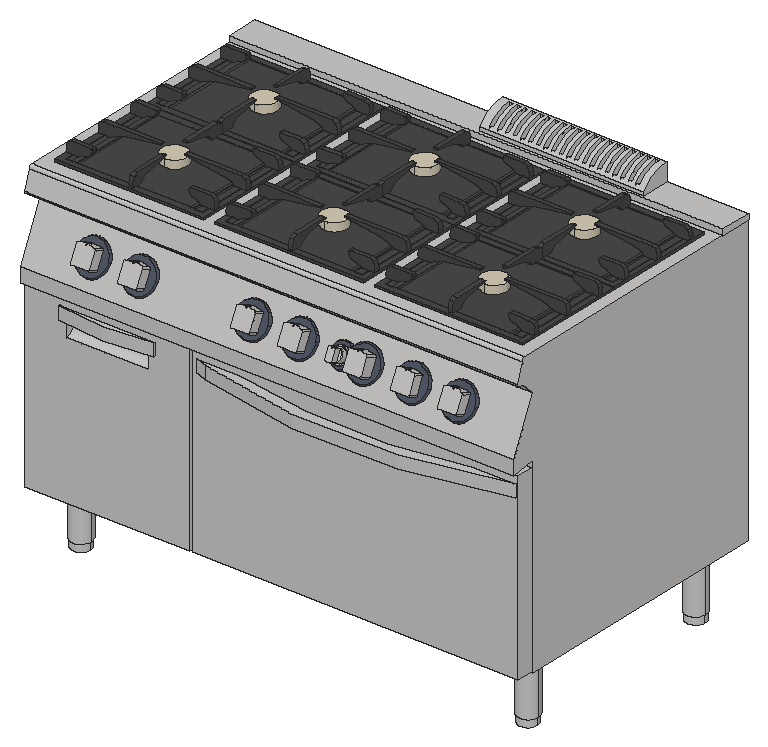
Revit family "QF_ZANUSSI_372005_Z7GCGL6C10", category Specialty Equipment, Revit 2018
Family settings
  Round Connector Dimension = Use Diameter
  Part Type = Normal
  Work Plane-Based = No
  Always vertical = Yes
  Cut with Voids When Loaded = No
  Shared = No
  Room Calculation Point = No
Parameters
  Width = 1200.00 mm  # constant formula
  Weight in Pounds = 265  # constant formula
  Weight = 0.00 kg
  Watts = 0 W
  Volts = 0 V
  URL Manufacturer = "http://www.zanussiprofessional.com"
  URL Cutsheet = "www.electrolux.com"
  URL = "http://www.zanussiprofessional.com"
  Type Mark [instance] = ""
  Steam Supply Size = 0"
  Steam Supply Minimum Pressure = 0.00 psi
  Steam Supply Maximum Pressure = 0.00 psi
  Steam Pounds per Hour = 0
  Status [instance] = ""
  Specification by User [instance] = ""
  Specification by Manufacturer = ""
  Show Logo [instance] = yes
  Show Clearance [instance] = yes
  Serial Number = ""
  Seismic Rating = ""
  SMACNA No = ""
  Revision Code [instance] = ""
  Refrigeration Suction Line Size = 0"
  Refrigeration Liquid Line Size = 0"
  Refrigerant Compressor Remote = yes
  Phase = 0
  Omniclass Number and Title = ""
  NAFEM Spec ID Number = ""
  Model = "Z7GCGL6C10"
  Mechanical Remarks [instance] = ""
  Mechanical Connection Type [instance] = ""
  Masterspec = ""
  Manufacturer = "Zanussi"
  Length Actual = 1200.00 mm  # constant formula
  Item Number [instance] = "372005"
  Installed By [instance] = ""
  Identify Quantity as Lot [instance] = yes
  Hot Water Size = 0"
  Height Actual = 850.00 mm  # constant formula
  Height = 908.00 mm  # constant formula
  HP = "0 HP"
  Gas Size = 1/2"  # constant formula
  Gas RI Height [instance] = 0.00 mm
  Gas KW [instance] = 39  # constant formula
  Gas Input [instance] = 1.3092 Btu/h
  Gas Connection Height = 0.00 mm
  Furnished By [instance] = ""
  Foodservice Equipment Identifier [instance] = yes
  Direct Waste Size = 0"
  Description = "6-BURNER GAS RANGE+GAS OVEN+CUPB.1200 MM"
  Depth Actual = 700.00 mm  # constant formula
  Depth = 715.00 mm  # constant formula
  Cycle = 0 Hz
  Condensate Return Size = 0"
  Compressed Air Volume = 0 GPM
  Compressed Air Size = 0"
  Compressed Air Pressure = 0.00 psi
  Cold Water Size = 0"
  CSI MasterFormat = ""
  CSI Master Format = ""
  Assembly Code = ""
  Accessory = yes
Reference planes
  plane 1 "BACK": y = 0
  plane 2: z = 0
  plane 3 "LEFT": x = 0
  plane 4 "RIGHT": x = 1200
  plane 5 "FRONT": y = -700
  plane 6 "TOP": z = 908
  plane 7 "Center Y": x = 600
  plane 8 "Center X": y = -350
  plane 9 "Base": z = 150
  plane 10: z = 850
  plane 11: y = -715
  plane 12: y = -1109
  plane 13 "panel": through (-6096, -654.982, 762.214) normal (0, -0.8956, 0.4448)
  plane 14: x = 177.499
Forms (mm)
  Revolve 1, solid, material "QF_Finishes_Stainless Steel"
    sketch origin (1, -90, 0) x (1, 0, 0) y (0, 0, 1)
      loop
        line (55, 0) -> (55, 150) -> (29.6, 150) -> (29.6, 19.05) -> (32.1, 19.05) -> (32.1, 0) -> (55, 0)
      axis (55, 0) -> (55, 150)
    angle from 0 to 360
  Revolve 2, solid, material "QF_Finishes_Stainless Steel"
    sketch origin (1, -599.588, 0) x (1, 0, 0) y (0, 0, 1)
      loop
        line (55, 0) -> (55, 150) -> (29.6, 150) -> (29.6, 19.05) -> (32.1, 19.05) -> (32.1, 0) -> (55, 0)
      axis (55, 0) -> (55, 150)
    angle from 0 to 360
  Revolve 3, solid, material "QF_Finishes_Stainless Steel"
    sketch origin (799, -90, 0) x (-1, 0, 0) y (0, 0, -1)
      loop
        line (-345, 0) -> (-367.9, 0) -> (-367.9, -19.05) -> (-370.4, -19.05) -> (-370.4, -150) -> (-345, -150) -> (-345, 0)
      axis (-345, 0) -> (-345, -150)
    angle from 0 to 360
  Revolve 4, solid, material "QF_Finishes_Stainless Steel"
    sketch origin (799, -599.588, 0) x (-1, 0, 0) y (0, 0, -1)
      loop
        line (-345, 0) -> (-367.9, 0) -> (-367.9, -19.05) -> (-370.4, -19.05) -> (-370.4, -150) -> (-345, -150) -> (-345, 0)
      axis (-345, 0) -> (-345, -150)
    angle from 0 to 360
  Extrusion 5, solid, material "QF_Finishes_Stainless Steel"
    sketch origin (0, 0, 576.213) x (0, 1, 0) y (0, 0, 1)
      loop
        line (0, 273.788) -> (-679.358, 273.788)
        arc (-679.358, 273.788) -> (-684.643, 271.598) -> (-686.833, 266.313) r 7.474
        line (-686.833, 266.313) -> (-699.884, 220.798)
        arc (-699.884, 220.798) -> (-699.396, 218.166) -> (-697, 216.971) r 3
        line (-697, 216.971) -> (-686.802, 216.971) -> (-654.982, 185.152) -> (-715, 64.296) -> (-715, 29.296) -> (-658.645, 37.216)
        arc (-658.645, 37.216) -> (-656.101, 36.462) -> (-655, 34.047) r 3.2
        line (-655, 34.047) -> (-655, -426.212) -> (0, -426.212) -> (0, 273.788)
      loop
        line (-700, 23.788) -> (-700, -421.212) -> (-660, -421.212) -> (-660, 23.788) -> (-700, 23.788)
    from 0 to 1200
  Extrusion 6, solid, material "QF_Finishes_Stainless Steel"
    sketch origin (0, 0, 576.213) x (0, 1, 0) y (0, 0, 1)
      loop
        line (0, 273.787) -> (0, 288.075) -> (-76.2, 288.075) -> (-76.2, 273.787) -> (0, 273.787)
    from 0 to 1200
  Extrusion 7, solid, material "QF_Finishes_Stainless Steel"
    sketch origin (0, 0, 150) x (-1, 0, 0) y (0, -1, 0)
      loop
        circle (-1147.613, 464) r 6.35
    from -8.815 to 7.722
  Extrusion 8, solid, material "QF_Finishes_Door Clearance", visible <- "Show Clearance", detail levels coarse
    sketch origin (0, 0, 0) x (0, 1, 0) y (0, 0, 1)
      loop
        arc (-700, 600) -> (-991.638, 457.589) -> (-1109, 155) r 445
        line (-1109, 155) -> (-700, 155) -> (-700, 600)
    from 0 to 400.5
  Extrusion 9, void
    sketch origin (-62.611, 0, 865.138) x (-1, 0, 0) y (0, -1, 0)
      loop
        line (-695.005, 6.761) -> (-685.709, 6.761) -> (-685.709, 63.911) -> (-695.005, 63.911) -> (-695.005, 6.761)
      loop
        line (-713.697, 6.761) -> (-704.401, 6.761) -> (-704.401, 63.911) -> (-713.697, 63.911) -> (-713.697, 6.761)
      loop
        line (-732.39, 6.761) -> (-723.094, 6.761) -> (-723.094, 63.911) -> (-732.39, 63.911) -> (-732.39, 6.761)
      loop
        line (-751.082, 6.761) -> (-741.787, 6.761) -> (-741.787, 63.911) -> (-751.082, 63.911) -> (-751.082, 6.761)
      loop
        line (-769.775, 6.761) -> (-760.479, 6.761) -> (-760.479, 63.911) -> (-769.775, 63.911) -> (-769.775, 6.761)
      loop
        line (-788.468, 6.761) -> (-779.172, 6.761) -> (-779.172, 63.911) -> (-788.468, 63.911) -> (-788.468, 6.761)
      loop
        line (-807.16, 6.761) -> (-797.864, 6.761) -> (-797.864, 63.911) -> (-807.16, 63.911) -> (-807.16, 6.761)
      loop
        line (-825.853, 6.761) -> (-816.557, 6.761) -> (-816.557, 63.911) -> (-825.853, 63.911) -> (-825.853, 6.761)
      loop
        line (-844.545, 6.761) -> (-835.25, 6.761) -> (-835.25, 63.911) -> (-844.545, 63.911) -> (-844.545, 6.761)
      loop
        line (-863.238, 6.761) -> (-853.942, 6.761) -> (-853.942, 63.911) -> (-863.238, 63.911) -> (-863.238, 6.761)
      loop
        line (-881.931, 6.761) -> (-872.635, 6.761) -> (-872.635, 63.911) -> (-881.931, 63.911) -> (-881.931, 6.761)
      loop
        line (-900.623, 6.761) -> (-891.328, 6.761) -> (-891.328, 63.911) -> (-900.623, 63.911) -> (-900.623, 6.761)
      loop
        line (-919.316, 6.761) -> (-910.02, 6.761) -> (-910.02, 63.911) -> (-919.316, 63.911) -> (-919.316, 6.761)
      loop
        line (-938.008, 6.761) -> (-928.713, 6.761) -> (-928.713, 63.911) -> (-938.008, 63.911) -> (-938.008, 6.761)
      loop
        line (-956.701, 6.761) -> (-947.405, 6.761) -> (-947.405, 63.911) -> (-956.701, 63.911) -> (-956.701, 6.761)
      loop
        line (-975.394, 6.761) -> (-966.098, 6.761) -> (-966.098, 63.911) -> (-975.394, 63.911) -> (-975.394, 6.761)
      loop
        line (-994.086, 6.761) -> (-984.791, 6.761) -> (-984.791, 63.911) -> (-994.086, 63.911) -> (-994.086, 6.761)
      loop
        line (-1012.779, 6.761) -> (-1003.483, 6.761) -> (-1003.483, 63.911) -> (-1012.779, 63.911) -> (-1012.779, 6.761)
      loop
        line (-1031.472, 6.761) -> (-1022.176, 6.761) -> (-1022.176, 63.911) -> (-1031.472, 63.911) -> (-1031.472, 6.761)
      loop
        line (-1050.164, 6.761) -> (-1040.868, 6.761) -> (-1040.868, 63.911) -> (-1050.164, 63.911) -> (-1050.164, 6.761)
    from 9.525 to 45.348
  Extrusion 10, solid, material "QF_Finishes_Stainless Steel"
    sketch origin (202.4, 0, 590.5) x (0, 1, 0) y (0, 0, 1)
      loop
        line (0, 273.788) -> (0, 317.5)
        arc (0, 317.5) -> (-39.072, 308.879) -> (-69.85, 283.312) r 84.854
        line (-69.85, 283.312) -> (-69.85, 273.788) -> (0, 273.788)
    from 400 to 800
  Blend 11, solid, material "QF_Finishes_Navy Blue"
    base sketch origin (542.5, -684.991, 701.786) x (1, 0, 0) y (0, 0.444781, 0.895639)
      loop
        circle (0, 0) r 42.5
    top sketch origin (542.5, -684.991, 701.786) x (1, 0, 0) y (0, 0.444781, 0.895639)
      loop
        circle (0, 0) r 40.5
    from 0 to 5
  Extrusion 12, solid, material "QF_Finishes_Stainless Steel"
    sketch origin (542.5, -684.991, 701.786) x (1, 0, 0) y (0, 0.444781, 0.895639)
      loop
        arc (-21.147, 22.789) -> (-22.494, 21.685) -> (-23, 20.019) r 2.997
        line (-23, 20.019) -> (-23, -20.019)
        arc (-23, -20.019) -> (-22.122, -22.138) -> (-20.003, -23.016) r 2.997
        line (-20.003, -23.016) -> (20.003, -23.016)
        arc (20.003, -23.016) -> (22.122, -22.138) -> (23, -20.019) r 2.997
        line (23, -20.019) -> (23, 20.019)
        arc (23, 20.019) -> (22.494, 21.685) -> (21.147, 22.789) r 2.997
        arc (21.147, 22.789) -> (0, 26.984) -> (-21.147, 22.789) r 55.4
    from 10 to 34
  Extrusion 13, solid, material "QF_Plastic-Black-Matte"
    sketch origin (600, -684.991, 701.786) x (0, 0.444781, 0.895639) y (0, -0.895639, 0.444781)
      loop
        line (26.984, 34) -> (26.984, 19) -> (27.984, 19) -> (27.984, 34)
        arc (27.984, 34) -> (27.691, 34.707) -> (26.984, 35) r 1
        line (26.984, 35) -> (23.984, 35) -> (23.984, 34) -> (26.984, 34)
    from -58.5 to -56.5
  Extrusion 14, solid, material "QF_Finishes_Stainless Steel"
    sketch origin (542.5, -684.991, 701.786) x (1, 0, 0) y (0, 0.444781, 0.895639)
      loop
        line (17.5, 17.5) -> (-17.5, 17.5) -> (-17.5, -17.5) -> (17.5, -17.5) -> (17.5, 17.5)
    from 5 to 10
  Extrusion 15, solid, material "QF_Plastic-Black-Matte"
    sketch origin (600, -684.991, 701.786) x (0, 0.444781, 0.895639) y (0, 0.895639, -0.444781)
      loop
        line (26.984, -34) -> (23.984, -34) -> (23.984, -35) -> (26.984, -35)
        arc (26.984, -35) -> (27.691, -34.707) -> (27.984, -34) r 1
        line (27.984, -34) -> (27.984, -19) -> (26.984, -19) -> (26.984, -34)
    from -58.5 to -56.5
  Extrusion 16, solid, material "QF_Finishes_Stainless Steel"
    sketch origin (657.5, -684.991, 701.786) x (-1, 0, 0) y (0, -0.444781, -0.895639)
      loop
        line (17.5, -17.5) -> (17.5, 17.5) -> (-17.5, 17.5) -> (-17.5, -17.5) -> (17.5, -17.5)
    from 5 to 10
  Blend 17, solid, material "QF_Finishes_Navy Blue"
    base sketch origin (657.5, -684.991, 701.786) x (1, 0, 0) y (0, 0.444781, 0.895639)
      loop
        circle (0, 0) r 42.5
    top sketch origin (657.5, -684.991, 701.786) x (1, 0, 0) y (0, 0.444781, 0.895639)
      loop
        circle (0, 0) r 40.5
    from 0 to 5
  Extrusion 18, solid, material "QF_Finishes_Stainless Steel"
    sketch origin (657.5, -684.991, 701.786) x (-1, 0, 0) y (0, -0.444781, -0.895639)
      loop
        arc (-21.147, -22.789) -> (0, -26.984) -> (21.147, -22.789) r 55.4
        arc (21.147, -22.789) -> (22.494, -21.685) -> (23, -20.019) r 2.997
        line (23, -20.019) -> (23, 20.019)
        arc (23, 20.019) -> (22.122, 22.138) -> (20.003, 23.016) r 2.997
        line (20.003, 23.016) -> (-20.003, 23.016)
        arc (-20.003, 23.016) -> (-22.122, 22.138) -> (-23, 20.019) r 2.997
        line (-23, 20.019) -> (-23, -20.019)
        arc (-23, -20.019) -> (-22.494, -21.685) -> (-21.147, -22.789) r 2.997
    from 10 to 34
  Blend 19, solid, material "QF_Finishes_Navy Blue"
    base sketch origin (814.75, -684.991, 701.786) x (1, 0, 0) y (0, 0.444781, 0.895639)
      loop
        arc (-35.05, -24.037) -> (42.5, 0) -> (-35.05, 24.037) r 42.5
        arc (-35.05, 24.037) -> (-83, 0) -> (-35.05, -24.037) r 30
    top sketch origin (814.75, -684.991, 701.786) x (1, 0, 0) y (0, 0.444781, 0.895639)
      loop
        arc (-34.578, -21.086) -> (40.5, 0) -> (-34.578, 21.086) r 40.5
        arc (-34.578, 21.086) -> (-81, 0) -> (-34.578, -21.086) r 28
    from 0 to 5
  Extrusion 20, solid, material "QF_Finishes_Stainless Steel"
    sketch origin (582.25, -684.991, 701.786) x (1, 0, 0) y (0, 0.444781, 0.895639)
      loop
        circle (177.499, -0.341) r 20
    from 5 to 10
  Extrusion 21, void
    sketch origin (814.75, -684.991, 701.786) x (1, 0, 0) y (0, -0.895639, 0.444781)
      loop
        line (-62.999, 24.837) -> (-62.999, 40) -> (-71.893, 40) -> (-71.893, 22) -> (-65.835, 22)
        arc (-65.835, 22) -> (-63.827, 22.828) -> (-62.999, 24.837) r 2.827
      loop
        arc (-47.003, 24.837) -> (-46.175, 22.828) -> (-44.167, 22) r 2.827
        line (-44.167, 22) -> (-38.109, 22) -> (-38.109, 40) -> (-47.003, 40) -> (-47.003, 24.837)
    from -20.019 to 20.019
  Extrusion 22, solid, material "QF_Finishes_Stainless Steel"
    sketch origin (582.25, -684.991, 701.786) x (1, 0, 0) y (0, 0.444781, 0.895639)
      loop
        arc (211.353, 22.789) -> (210.006, 21.685) -> (209.5, 20.019) r 2.997
        line (209.5, 20.019) -> (209.5, -20.019)
        arc (209.5, -20.019) -> (210.378, -22.138) -> (212.497, -23.016) r 2.997
        line (212.497, -23.016) -> (252.503, -23.016)
        arc (252.503, -23.016) -> (254.622, -22.138) -> (255.5, -20.019) r 2.997
        line (255.5, -20.019) -> (255.5, 20.019)
        arc (255.5, 20.019) -> (254.994, 21.685) -> (253.647, 22.789) r 2.997
        arc (253.647, 22.789) -> (232.5, 26.984) -> (211.353, 22.789) r 55.4
    from 5 to 34
  Blend 23, solid, material "QF_Finishes_Navy Blue"
    base sketch origin (931.5, -684.991, 701.786) x (1, 0, 0) y (0, 0.444781, 0.895639)
      loop
        circle (0, 0) r 42.5
    top sketch origin (931.5, -684.991, 701.786) x (1, 0, 0) y (0, 0.444781, 0.895639)
      loop
        circle (0, 0) r 40.5
    from 0 to 5
  Extrusion 24, solid, material "QF_Finishes_Stainless Steel"
    sketch origin (931.5, -684.991, 701.786) x (1, 0, 0) y (0, 0.444781, 0.895639)
      loop
        arc (-21.147, 22.789) -> (-22.494, 21.685) -> (-23, 20.019) r 2.997
        line (-23, 20.019) -> (-23, -20.019)
        arc (-23, -20.019) -> (-22.122, -22.138) -> (-20.003, -23.016) r 2.997
        line (-20.003, -23.016) -> (20.003, -23.016)
        arc (20.003, -23.016) -> (22.122, -22.138) -> (23, -20.019) r 2.997
        line (23, -20.019) -> (23, 20.019)
        arc (23, 20.019) -> (22.494, 21.685) -> (21.147, 22.789) r 2.997
        arc (21.147, 22.789) -> (0, 26.984) -> (-21.147, 22.789) r 55.4
    from 10 to 34
  Extrusion 25, solid, material "QF_Plastic-Black-Matte"
    sketch origin (989, -684.991, 701.786) x (0, 0.444781, 0.895639) y (0, -0.895639, 0.444781)
      loop
        line (26.984, 34) -> (26.984, 19) -> (27.984, 19) -> (27.984, 34)
        arc (27.984, 34) -> (27.691, 34.707) -> (26.984, 35) r 1
        line (26.984, 35) -> (23.984, 35) -> (23.984, 34) -> (26.984, 34)
    from -58.5 to -56.5
  Extrusion 26, solid, material "QF_Finishes_Stainless Steel"
    sketch origin (931.5, -684.991, 701.786) x (1, 0, 0) y (0, 0.444781, 0.895639)
      loop
        line (17.5, 17.5) -> (-17.5, 17.5) -> (-17.5, -17.5) -> (17.5, -17.5) -> (17.5, 17.5)
    from 5 to 10
  Extrusion 27, solid, material "QF_Plastic-Black-Matte"
    sketch origin (989, -684.991, 701.786) x (0, 0.444781, 0.895639) y (0, 0.895639, -0.444781)
      loop
        line (26.984, -34) -> (23.984, -34) -> (23.984, -35) -> (26.984, -35)
        arc (26.984, -35) -> (27.691, -34.707) -> (27.984, -34) r 1
        line (27.984, -34) -> (27.984, -19) -> (26.984, -19) -> (26.984, -34)
    from -58.5 to -56.5
  Extrusion 28, solid, material "QF_Finishes_Stainless Steel"
    sketch origin (1046.5, -684.991, 701.786) x (-1, 0, 0) y (0, -0.444781, -0.895639)
      loop
        line (17.5, -17.5) -> (17.5, 17.5) -> (-17.5, 17.5) -> (-17.5, -17.5) -> (17.5, -17.5)
    from 5 to 10
  Blend 29, solid, material "QF_Finishes_Navy Blue"
    base sketch origin (1046.5, -684.991, 701.786) x (1, 0, 0) y (0, 0.444781, 0.895639)
      loop
        circle (0, 0) r 42.5
    top sketch origin (1046.5, -684.991, 701.786) x (1, 0, 0) y (0, 0.444781, 0.895639)
      loop
        circle (0, 0) r 40.5
    from 0 to 5
  Extrusion 30, solid, material "QF_Finishes_Stainless Steel"
    sketch origin (1046.5, -684.991, 701.786) x (-1, 0, 0) y (0, -0.444781, -0.895639)
      loop
        arc (-21.147, -22.789) -> (0, -26.984) -> (21.147, -22.789) r 55.4
        arc (21.147, -22.789) -> (22.494, -21.685) -> (23, -20.019) r 2.997
        line (23, -20.019) -> (23, 20.019)
        arc (23, 20.019) -> (22.122, 22.138) -> (20.003, 23.016) r 2.997
        line (20.003, 23.016) -> (-20.003, 23.016)
        arc (-20.003, 23.016) -> (-22.122, 22.138) -> (-23, 20.019) r 2.997
        line (-23, 20.019) -> (-23, -20.019)
        arc (-23, -20.019) -> (-22.494, -21.685) -> (-21.147, -22.789) r 2.997
    from 10 to 34
  Blend 31, solid, material "QF_Finishes_Navy Blue"
    base sketch origin (153.5, -684.991, 701.786) x (1, 0, 0) y (0, 0.444781, 0.895639)
      loop
        circle (0, 0) r 42.5
    top sketch origin (153.5, -684.991, 701.786) x (1, 0, 0) y (0, 0.444781, 0.895639)
      loop
        circle (0, 0) r 40.5
    from 0 to 5
  Extrusion 32, solid, material "QF_Finishes_Stainless Steel"
    sketch origin (153.5, -684.991, 701.786) x (1, 0, 0) y (0, 0.444781, 0.895639)
      loop
        arc (-21.147, 22.789) -> (-22.494, 21.685) -> (-23, 20.019) r 2.997
        line (-23, 20.019) -> (-23, -20.019)
        arc (-23, -20.019) -> (-22.122, -22.138) -> (-20.003, -23.016) r 2.997
        line (-20.003, -23.016) -> (20.003, -23.016)
        arc (20.003, -23.016) -> (22.122, -22.138) -> (23, -20.019) r 2.997
        line (23, -20.019) -> (23, 20.019)
        arc (23, 20.019) -> (22.494, 21.685) -> (21.147, 22.789) r 2.997
        arc (21.147, 22.789) -> (0, 26.984) -> (-21.147, 22.789) r 55.4
    from 10 to 34
  Extrusion 33, solid, material "QF_Plastic-Black-Matte"
    sketch origin (211, -684.991, 701.786) x (0, 0.444781, 0.895639) y (0, -0.895639, 0.444781)
      loop
        line (26.984, 34) -> (26.984, 19) -> (27.984, 19) -> (27.984, 34)
        arc (27.984, 34) -> (27.691, 34.707) -> (26.984, 35) r 1
        line (26.984, 35) -> (23.984, 35) -> (23.984, 34) -> (26.984, 34)
    from -58.5 to -56.5
  Extrusion 34, solid, material "QF_Finishes_Stainless Steel"
    sketch origin (153.5, -684.991, 701.786) x (1, 0, 0) y (0, 0.444781, 0.895639)
      loop
        line (17.5, 17.5) -> (-17.5, 17.5) -> (-17.5, -17.5) -> (17.5, -17.5) -> (17.5, 17.5)
    from 5 to 10
  Extrusion 35, solid, material "QF_Plastic-Black-Matte"
    sketch origin (211, -684.991, 701.786) x (0, 0.444781, 0.895639) y (0, 0.895639, -0.444781)
      loop
        line (26.984, -34) -> (23.984, -34) -> (23.984, -35) -> (26.984, -35)
        arc (26.984, -35) -> (27.691, -34.707) -> (27.984, -34) r 1
        line (27.984, -34) -> (27.984, -19) -> (26.984, -19) -> (26.984, -34)
    from -58.5 to -56.5
  Extrusion 36, solid, material "QF_Finishes_Stainless Steel"
    sketch origin (268.5, -684.991, 701.786) x (-1, 0, 0) y (0, -0.444781, -0.895639)
      loop
        line (17.5, -17.5) -> (17.5, 17.5) -> (-17.5, 17.5) -> (-17.5, -17.5) -> (17.5, -17.5)
    from 5 to 10
  Blend 37, solid, material "QF_Finishes_Navy Blue"
    base sketch origin (268.5, -684.991, 701.786) x (1, 0, 0) y (0, 0.444781, 0.895639)
      loop
        circle (0, 0) r 42.5
    top sketch origin (268.5, -684.991, 701.786) x (1, 0, 0) y (0, 0.444781, 0.895639)
      loop
        circle (0, 0) r 40.5
    from 0 to 5
  Extrusion 38, solid, material "QF_Finishes_Stainless Steel"
    sketch origin (268.5, -684.991, 701.786) x (-1, 0, 0) y (0, -0.444781, -0.895639)
      loop
        arc (-21.147, -22.789) -> (0, -26.984) -> (21.147, -22.789) r 55.4
        arc (21.147, -22.789) -> (22.494, -21.685) -> (23, -20.019) r 2.997
        line (23, -20.019) -> (23, 20.019)
        arc (23, 20.019) -> (22.122, 22.138) -> (20.003, 23.016) r 2.997
        line (20.003, 23.016) -> (-20.003, 23.016)
        arc (-20.003, 23.016) -> (-22.122, 22.138) -> (-23, 20.019) r 2.997
        line (-23, 20.019) -> (-23, -20.019)
        arc (-23, -20.019) -> (-22.494, -21.685) -> (-21.147, -22.789) r 2.997
    from 10 to 34
  Extrusion 39, solid, material "QF_Finishes_Stainless Steel"
    sketch origin (0, -827.391, 415.041) x (0, 0.444781, 0.895639) y (-1, 0, 0)
      loop
        circle (319.816, -759.749) r 16
    from 10 to 40
  Extrusion 40, solid, material "QF_Finishes_Stainless Steel"
    sketch origin (-7.892, 0, 150) x (-1, 0, 0) y (0, -1, 0)
      loop
        line (-1202.142, 700) -> (-1108.537, 700)
        arc (-1108.537, 700) -> (-812.142, 735) -> (-515.747, 700) r 1272.5
        line (-515.747, 700) -> (-422.142, 700)
        arc (-422.142, 700) -> (-439.359, 705.295) -> (-456.648, 710.35) r 1297.5
        arc (-456.648, 710.35) -> (-830.154, 759.875) -> (-1202.142, 700) r 1297.5
    from 400 to 430
  Extrusion 41, solid, material "QF_Finishes_Stainless Steel"
    sketch origin (0, 0, 150) x (-1, 0, 0) y (0, -1, 0)
      loop
        arc (-85.253, 704) -> (-200.527, 715) -> (-315.8, 704) r 609.497
        line (-315.8, 704) -> (-315.8, 700) -> (-85.253, 700) -> (-85.253, 704)
    from 400 to 430
  Extrusion 42, solid, material "QF_Finishes_Door Clearance", visible <- "Show Clearance", detail levels coarse
    sketch origin (0, 0, 0) x (0, 1, 0) y (0, 0, 1)
      loop
        arc (-700, 600) -> (-991.592, 457.565) -> (-1108.926, 155) r 445
        line (-1108.926, 155) -> (-700, 155) -> (-700, 600)
    from 408.5 to 1200
  Extrusion 43, void
    sketch origin (0, 0, 0) x (0, 1, 0) y (0, 0, 1)
      loop
        line (-678.147, 565.85) -> (-700, 565.85) -> (-700, 515.05)
        arc (-700, 515.05) -> (-684.405, 523.118) -> (-678.147, 539.523) r 24.63
        line (-678.147, 539.523) -> (-678.147, 565.85)
    from 100.253 to 300.8
  Extrusion 44, void
    sketch origin (0, -700, 0) x (1, 0, 0) y (0, 0, 1)
      loop
        line (400.5, 600) -> (400.5, 155) -> (408.5, 155) -> (408.5, 600) -> (400.5, 600)
    from -40 to 0
  Extrusion 45, solid, material "QF_Plastic-Black-Matte"
    sketch origin (814.75, -684.991, 701.786) x (0, 0.444781, 0.895639) y (0, -0.895639, 0.444781)
      loop
        line (26.984, 34) -> (26.984, 19) -> (27.984, 19) -> (27.984, 34)
        arc (27.984, 34) -> (27.691, 34.707) -> (26.984, 35) r 1
        line (26.984, 35) -> (23.984, 35) -> (23.984, 34) -> (26.984, 34)
    from -1 to 1
  Extrusion 46, solid, material "QF_Plastic-Black-Matte"
    sketch origin (817.264, -695.402, 694.312) x (0, 0.444781, 0.895639) y (0, -0.895639, 0.444781)
      loop
        line (26.984, 34) -> (26.984, 19) -> (27.984, 19) -> (27.984, 34)
        arc (27.984, 34) -> (27.691, 34.707) -> (26.984, 35) r 1
        line (26.984, 35) -> (23.984, 35) -> (23.984, 34) -> (26.984, 34)
    from -58.5 to -56.5
Cuts and joins
  Extrusion 9 cuts Extrusion 6
  Extrusion 9 cuts Extrusion 10
  Extrusion 21 cuts Extrusion 39
  Extrusion 43, Extrusion 44 cuts Extrusion 5
  Extrusion 43, Extrusion 44 cuts Extrusion 8
  Extrusion 44 cuts Extrusion 42
Lines and regions (mm)
  Split face 1
    outline origin (542.5, -689.469, 704.01) x (1, 0, 0) y (0, 0.444781, 0.895639)
      loop
        circle (-33, 0) r 3
  Split face 2
    outline origin (663.401, -689.469, 704.01) x (1, 0, 0) y (0, 0.444781, 0.895639)
      loop
        line (-8.901, 38.561) -> (-8.901, 28.561) -> (-2.901, 28.561) -> (-2.901, 38.561) -> (-8.901, 38.561)
  Split face 3
    outline origin (663.401, -689.469, 704.01) x (1, 0, 0) y (0, 0.444781, 0.895639)
      loop
        line (-8.401, 38.061) -> (-8.401, 29.061) -> (-3.401, 29.061) -> (-3.401, 38.061) -> (-8.401, 38.061)
  Split face 4
    outline origin (663.401, -689.469, 704.01) x (1, 0, 0) y (0, 0.444781, 0.895639)
      loop
        line (-8.401, 33.561) -> (-3.401, 33.561)
  Split face 5
    outline origin (663.401, -689.469, 704.01) x (1, 0, 0) y (0, 0.444781, 0.895639)
      loop
        line (-8.401, 33.061) -> (-3.401, 33.061)
  Split face 6
    outline origin (548.401, -689.469, 704.01) x (1, 0, 0) y (0, 0.444781, 0.895639)
      loop
        line (-8.901, 38.561) -> (-8.901, 28.561) -> (-2.901, 28.561) -> (-2.901, 38.561) -> (-8.901, 38.561)
  Split face 7
    outline origin (548.401, -689.469, 704.01) x (1, 0, 0) y (0, 0.444781, 0.895639)
      loop
        line (-8.401, 38.061) -> (-8.401, 29.061) -> (-3.401, 29.061) -> (-3.401, 38.061) -> (-8.401, 38.061)
  Split face 8
    outline origin (548.401, -689.469, 704.01) x (1, 0, 0) y (0, 0.444781, 0.895639)
      loop
        line (-8.401, 34.061) -> (-3.401, 34.061)
  Split face 9
    outline origin (548.401, -689.469, 704.01) x (1, 0, 0) y (0, 0.444781, 0.895639)
      loop
        line (-8.401, 33.561) -> (-3.401, 33.561)
  Split face 10
    outline origin (568.157, -675.159, 732.825) x (-1, 0, 0) y (0, -0.444781, -0.895639)
      loop
        circle (43.456, 61.543) r 1.5
  Split face 11
    outline origin (548.401, -689.469, 704.01) x (1, 0, 0) y (0, 0.444781, 0.895639)
      loop
        circle (-5.901, 31.311) r 2.029
  Split face 12
    outline origin (663.401, -689.469, 704.01) x (1, 0, 0) y (0, 0.444781, 0.895639)
      loop
        circle (-5.901, 35.811) r 2.031
  Split face 13
    outline origin (542.5, -689.469, 704.01) x (1, 0, 0) y (0, 0.444781, 0.895639)
      loop
        circle (-24.487, 26.694) r 3.497
  Split face 14
    outline origin (657.5, -689.469, 704.01) x (1, 0, 0) y (0, 0.444781, 0.895639)
      loop
        circle (-24.487, 26.694) r 3.497
  Split face 15
    outline origin (657.5, -689.469, 704.01) x (1, 0, 0) y (0, 0.444781, 0.895639)
      loop
        circle (-33, 0) r 3
  Split face 16
    outline origin (657.5, -689.469, 704.01) x (1, 0, 0) y (0, 0.444781, 0.895639)
      loop
        circle (-17.8, -29.371) r 1.5
  Split face 17
    outline origin (814.75, -689.469, 704.01) x (1, 0, 0) y (0, 0.444781, 0.895639)
      loop
        circle (0, 33) r 1
  Split face 18
    outline origin (814.75, -689.469, 704.01) x (1, 0, 0) y (0, 0.444781, 0.895639)
      loop
        circle (-8.541, 31.876) r 1
  Split face 19
    outline origin (814.75, -689.469, 704.01) x (1, 0, 0) y (0, 0.444781, 0.895639)
      loop
        circle (-16.5, 28.579) r 1
  Split face 20
    outline origin (814.75, -689.469, 704.01) x (1, 0, 0) y (0, 0.444781, 0.895639)
      loop
        circle (-23.335, 23.335) r 1
  Split face 21
    outline origin (814.75, -689.469, 704.01) x (1, 0, 0) y (0, 0.444781, 0.895639)
      loop
        circle (-28.579, 16.5) r 1
  Split face 22
    outline origin (814.75, -689.469, 704.01) x (1, 0, 0) y (0, 0.444781, 0.895639)
      loop
        circle (-31.876, 8.541) r 1
  Split face 23
    outline origin (814.75, -689.469, 704.01) x (1, 0, 0) y (0, 0.444781, 0.895639)
      loop
        circle (-33, 0) r 1
  Split face 24
    outline origin (814.75, -689.469, 704.01) x (-1, 0, 0) y (0, 0.444781, 0.895639)
      loop
        circle (-8.541, 31.876) r 1
  Split face 25
    outline origin (814.75, -689.469, 704.01) x (-1, 0, 0) y (0, 0.444781, 0.895639)
      loop
        circle (-16.5, 28.579) r 1
  Split face 26
    outline origin (814.75, -689.469, 704.01) x (-1, 0, 0) y (0, 0.444781, 0.895639)
      loop
        circle (-23.335, 23.335) r 1
  Split face 27
    outline origin (814.75, -689.469, 704.01) x (-1, 0, 0) y (0, 0.444781, 0.895639)
      loop
        circle (-28.579, 16.5) r 1
  Split face 28
    outline origin (814.75, -689.469, 704.01) x (-1, 0, 0) y (0, 0.444781, 0.895639)
      loop
        circle (-31.876, 8.541) r 1
  Split face 29
    outline origin (814.75, -689.469, 704.01) x (1, 0, 0) y (0, -0.444781, -0.895639)
      loop
        circle (0, 33) r 1
  Split face 30
    outline origin (814.75, -689.469, 704.01) x (1, 0, 0) y (0, -0.444781, -0.895639)
      loop
        circle (-8.541, 31.876) r 1
  Split face 31
    outline origin (814.75, -689.469, 704.01) x (1, 0, 0) y (0, -0.444781, -0.895639)
      loop
        circle (-16.5, 28.579) r 1
  Split face 32
    outline origin (814.75, -689.469, 704.01) x (1, 0, 0) y (0, -0.444781, -0.895639)
      loop
        circle (-23.335, 23.335) r 1
  Split face 33
    outline origin (814.75, -689.469, 704.01) x (1, 0, 0) y (0, -0.444781, -0.895639)
      loop
        circle (-28.579, 16.5) r 1
  Split face 34
    outline origin (814.75, -689.469, 704.01) x (1, 0, 0) y (0, -0.444781, -0.895639)
      loop
        circle (-31.876, 8.541) r 1
  Split face 35
    outline origin (814.75, -689.469, 704.01) x (-1, 0, 0) y (0, -0.444781, -0.895639)
      loop
        circle (-8.541, 31.876) r 1
  Split face 36
    outline origin (814.75, -689.469, 704.01) x (-1, 0, 0) y (0, -0.444781, -0.895639)
      loop
        circle (-16.5, 28.579) r 1
  Split face 37
    outline origin (814.75, -689.469, 704.01) x (-1, 0, 0) y (0, -0.444781, -0.895639)
      loop
        circle (-23.335, 23.335) r 1
  Split face 38
    outline origin (814.75, -689.469, 704.01) x (-1, 0, 0) y (0, -0.444781, -0.895639)
      loop
        circle (-28.579, 16.5) r 1
  Split face 39
    outline origin (814.75, -689.469, 704.01) x (-1, 0, 0) y (0, -0.444781, -0.895639)
      loop
        circle (-31.876, 8.541) r 1
  Split face 40
    outline origin (814.75, -689.469, 704.01) x (1, 0, 0) y (0, 0.444781, 0.895639)
      loop
        circle (33, 0) r 1
  Split face 41
    outline origin (814.75, -689.469, 704.01) x (1, 0, 0) y (0, 0.444781, 0.895639)
      loop
        circle (-55.001, 22) r 1.508
  Split face 42
    outline origin (814.75, -689.469, 704.01) x (1, 0, 0) y (0, 0.444781, 0.895639)
      loop
        circle (-77.001, 0) r 1.343
  Split face 43
    outline origin (814.75, -689.469, 704.01) x (1, 0, 0) y (0, 0.444781, 0.895639)
      loop
        line (-56.273, -20.786) -> (-56.273, -25.164) -> (-53.729, -25.164) -> (-53.729, -20.786) -> (-56.273, -20.786)
  Split face 44
    outline origin (931.5, -689.469, 704.01) x (1, 0, 0) y (0, 0.444781, 0.895639)
      loop
        circle (-33, 0) r 3
  Split face 45
    outline origin (1052.401, -689.469, 704.01) x (1, 0, 0) y (0, 0.444781, 0.895639)
      loop
        line (-8.901, 38.561) -> (-8.901, 28.561) -> (-2.901, 28.561) -> (-2.901, 38.561) -> (-8.901, 38.561)
  Split face 46
    outline origin (1052.401, -689.469, 704.01) x (1, 0, 0) y (0, 0.444781, 0.895639)
      loop
        line (-8.401, 38.061) -> (-8.401, 29.061) -> (-3.401, 29.061) -> (-3.401, 38.061) -> (-8.401, 38.061)
  Split face 47
    outline origin (1052.401, -689.469, 704.01) x (1, 0, 0) y (0, 0.444781, 0.895639)
      loop
        line (-8.401, 33.561) -> (-3.401, 33.561)
  Split face 48
    outline origin (1052.401, -689.469, 704.01) x (1, 0, 0) y (0, 0.444781, 0.895639)
      loop
        line (-8.401, 33.061) -> (-3.401, 33.061)
  Split face 49
    outline origin (937.401, -689.469, 704.01) x (1, 0, 0) y (0, 0.444781, 0.895639)
      loop
        line (-8.901, 38.561) -> (-8.901, 28.561) -> (-2.901, 28.561) -> (-2.901, 38.561) -> (-8.901, 38.561)
  Split face 50
    outline origin (937.401, -689.469, 704.01) x (1, 0, 0) y (0, 0.444781, 0.895639)
      loop
        line (-8.401, 38.061) -> (-8.401, 29.061) -> (-3.401, 29.061) -> (-3.401, 38.061) -> (-8.401, 38.061)
  Split face 51
    outline origin (937.401, -689.469, 704.01) x (1, 0, 0) y (0, 0.444781, 0.895639)
      loop
        line (-8.401, 34.061) -> (-3.401, 34.061)
  Split face 52
    outline origin (937.401, -689.469, 704.01) x (1, 0, 0) y (0, 0.444781, 0.895639)
      loop
        line (-8.401, 33.561) -> (-3.401, 33.561)
  Split face 53
    outline origin (957.157, -675.159, 732.825) x (-1, 0, 0) y (0, -0.444781, -0.895639)
      loop
        circle (43.456, 61.543) r 1.5
  Split face 54
    outline origin (937.401, -689.469, 704.01) x (1, 0, 0) y (0, 0.444781, 0.895639)
      loop
        circle (-5.901, 31.311) r 2.029
  Split face 55
    outline origin (1052.401, -689.469, 704.01) x (1, 0, 0) y (0, 0.444781, 0.895639)
      loop
        circle (-5.901, 35.811) r 2.031
  Split face 56
    outline origin (931.5, -689.469, 704.01) x (1, 0, 0) y (0, 0.444781, 0.895639)
      loop
        circle (-24.487, 26.694) r 3.497
  Split face 57
    outline origin (1046.5, -689.469, 704.01) x (1, 0, 0) y (0, 0.444781, 0.895639)
      loop
        circle (-24.487, 26.694) r 3.497
  Split face 58
    outline origin (1046.5, -689.469, 704.01) x (1, 0, 0) y (0, 0.444781, 0.895639)
      loop
        circle (-33, 0) r 3
  Split face 59
    outline origin (1046.5, -689.469, 704.01) x (1, 0, 0) y (0, 0.444781, 0.895639)
      loop
        circle (-17.8, -29.371) r 1.5
  Split face 60
    outline origin (153.5, -689.469, 704.01) x (1, 0, 0) y (0, 0.444781, 0.895639)
      loop
        circle (-33, 0) r 3
  Split face 61
    outline origin (274.401, -689.469, 704.01) x (1, 0, 0) y (0, 0.444781, 0.895639)
      loop
        line (-8.901, 38.561) -> (-8.901, 28.561) -> (-2.901, 28.561) -> (-2.901, 38.561) -> (-8.901, 38.561)
  Split face 62
    outline origin (274.401, -689.469, 704.01) x (1, 0, 0) y (0, 0.444781, 0.895639)
      loop
        line (-8.401, 38.061) -> (-8.401, 29.061) -> (-3.401, 29.061) -> (-3.401, 38.061) -> (-8.401, 38.061)
  Split face 63
    outline origin (274.401, -689.469, 704.01) x (1, 0, 0) y (0, 0.444781, 0.895639)
      loop
        line (-8.401, 33.561) -> (-3.401, 33.561)
  Split face 64
    outline origin (274.401, -689.469, 704.01) x (1, 0, 0) y (0, 0.444781, 0.895639)
      loop
        line (-8.401, 33.061) -> (-3.401, 33.061)
  Split face 65
    outline origin (159.401, -689.469, 704.01) x (1, 0, 0) y (0, 0.444781, 0.895639)
      loop
        line (-8.901, 38.561) -> (-8.901, 28.561) -> (-2.901, 28.561) -> (-2.901, 38.561) -> (-8.901, 38.561)
  Split face 66
    outline origin (159.401, -689.469, 704.01) x (1, 0, 0) y (0, 0.444781, 0.895639)
      loop
        line (-8.401, 38.061) -> (-8.401, 29.061) -> (-3.401, 29.061) -> (-3.401, 38.061) -> (-8.401, 38.061)
  Split face 67
    outline origin (159.401, -689.469, 704.01) x (1, 0, 0) y (0, 0.444781, 0.895639)
      loop
        line (-8.401, 34.061) -> (-3.401, 34.061)
  Split face 68
    outline origin (159.401, -689.469, 704.01) x (1, 0, 0) y (0, 0.444781, 0.895639)
      loop
        line (-8.401, 33.561) -> (-3.401, 33.561)
  Split face 69
    outline origin (179.157, -675.159, 732.825) x (-1, 0, 0) y (0, -0.444781, -0.895639)
      loop
        circle (43.456, 61.543) r 1.5
  Split face 70
    outline origin (159.401, -689.469, 704.01) x (1, 0, 0) y (0, 0.444781, 0.895639)
      loop
        circle (-5.901, 31.311) r 2.029
  Split face 71
    outline origin (274.401, -689.469, 704.01) x (1, 0, 0) y (0, 0.444781, 0.895639)
      loop
        circle (-5.901, 35.811) r 2.031
  Split face 72
    outline origin (153.5, -689.469, 704.01) x (1, 0, 0) y (0, 0.444781, 0.895639)
      loop
        circle (-24.487, 26.694) r 3.497
  Split face 73
    outline origin (268.5, -689.469, 704.01) x (1, 0, 0) y (0, 0.444781, 0.895639)
      loop
        circle (-24.487, 26.694) r 3.497
  Split face 74
    outline origin (268.5, -689.469, 704.01) x (1, 0, 0) y (0, 0.444781, 0.895639)
      loop
        circle (-33, 0) r 3
  Split face 75
    outline origin (268.5, -689.469, 704.01) x (1, 0, 0) y (0, 0.444781, 0.895639)
      loop
        circle (-17.8, -29.371) r 1.5
  symbolic lines, style "QF-Door Swings"
    curve 1: line (0, -715, 150) -> (0, -1109, 150)
    curve 2: line (0, -1109, 150) -> (1200, -1109, 150)
    curve 3: line (1200, -1109, 150) -> (1200, -715, 150)
    curve 244: line (400.5, -715, 150) -> (400.5, -1109, 150)
    curve 245: line (408.5, -715, 150) -> (408.5, -1109, 150)
  symbolic lines
    curve 4: line (0, 0, 150) -> (0, -715, 150)
    curve 5: line (0, -69.85, 150) -> (1200, -69.85, 150)
    curve 6: line (0, -76.2, 150) -> (1200, -76.2, 150)
    curve 7: line (1200, -715, 150) -> (1200, 0, 150)
    curve 8: line (0, 0, 150) -> (1200, 0, 150)
    curve 12: line (632.394, -6.761, 150) -> (632.394, -63.911, 150)
    curve 13: line (632.394, -63.911, 150) -> (623.098, -63.911, 150)
    curve 14: line (623.098, -63.911, 150) -> (623.098, -6.761, 150)
    curve 15: line (623.098, -6.761, 150) -> (632.394, -6.761, 150)
    curve 16: line (838.012, -6.761, 150) -> (838.012, -63.911, 150)
    curve 17: line (838.012, -63.911, 150) -> (828.717, -63.911, 150)
    curve 18: line (828.717, -63.911, 150) -> (828.717, -6.761, 150)
    curve 19: line (828.717, -6.761, 150) -> (838.012, -6.761, 150)
    curve 20: line (819.32, -6.761, 150) -> (819.32, -63.911, 150)
    curve 21: line (819.32, -63.911, 150) -> (810.024, -63.911, 150)
    curve 22: line (810.024, -63.911, 150) -> (810.024, -6.761, 150)
    curve 23: line (810.024, -6.761, 150) -> (819.32, -6.761, 150)
    curve 24: line (800.627, -6.761, 150) -> (800.627, -63.911, 150)
    curve 25: line (800.627, -63.911, 150) -> (791.331, -63.911, 150)
    curve 26: line (791.331, -63.911, 150) -> (791.331, -6.761, 150)
    curve 27: line (791.331, -6.761, 150) -> (800.627, -6.761, 150)
    curve 28: line (781.934, -6.761, 150) -> (781.934, -63.911, 150)
    curve 29: line (781.934, -63.911, 150) -> (772.639, -63.911, 150)
    curve 30: line (772.639, -63.911, 150) -> (772.639, -6.761, 150)
    curve 31: line (772.639, -6.761, 150) -> (781.934, -6.761, 150)
    curve 32: line (763.242, -6.761, 150) -> (763.242, -63.911, 150)
    curve 33: line (763.242, -63.911, 150) -> (753.946, -63.911, 150)
    curve 34: line (753.946, -63.911, 150) -> (753.946, -6.761, 150)
    curve 35: line (753.946, -6.761, 150) -> (763.242, -6.761, 150)
    curve 36: line (744.549, -6.761, 150) -> (744.549, -63.911, 150)
    curve 37: line (744.549, -63.911, 150) -> (735.253, -63.911, 150)
    curve 38: line (735.253, -63.911, 150) -> (735.253, -6.761, 150)
    curve 39: line (735.253, -6.761, 150) -> (744.549, -6.761, 150)
    curve 40: line (725.857, -6.761, 150) -> (725.857, -63.911, 150)
    curve 41: line (725.857, -63.911, 150) -> (716.561, -63.911, 150)
    curve 42: line (716.561, -63.911, 150) -> (716.561, -6.761, 150)
    curve 43: line (716.561, -6.761, 150) -> (725.857, -6.761, 150)
    curve 44: line (707.164, -6.761, 150) -> (707.164, -63.911, 150)
    curve 45: line (707.164, -63.911, 150) -> (697.868, -63.911, 150)
    curve 46: line (697.868, -63.911, 150) -> (697.868, -6.761, 150)
    curve 47: line (697.868, -6.761, 150) -> (707.164, -6.761, 150)
    curve 48: line (688.471, -6.761, 150) -> (688.471, -63.911, 150)
    curve 49: line (688.471, -63.911, 150) -> (679.176, -63.911, 150)
    curve 50: line (679.176, -63.911, 150) -> (679.176, -6.761, 150)
    curve 51: line (679.176, -6.761, 150) -> (688.471, -6.761, 150)
    curve 52: line (669.779, -6.761, 150) -> (669.779, -63.911, 150)
    curve 53: line (669.779, -63.911, 150) -> (660.483, -63.911, 150)
    curve 54: line (660.483, -63.911, 150) -> (660.483, -6.761, 150)
    curve 55: line (660.483, -6.761, 150) -> (669.779, -6.761, 150)
    curve 56: line (651.086, -6.761, 150) -> (651.086, -63.911, 150)
    curve 57: line (651.086, -63.911, 150) -> (641.79, -63.911, 150)
    curve 58: line (641.79, -63.911, 150) -> (641.79, -6.761, 150)
    curve 59: line (641.79, -6.761, 150) -> (651.086, -6.761, 150)
    curve 60: line (987.553, -6.761, 150) -> (987.553, -63.911, 150)
    curve 61: line (987.553, -63.911, 150) -> (978.257, -63.911, 150)
    curve 62: line (978.257, -63.911, 150) -> (978.257, -6.761, 150)
    curve 63: line (978.257, -6.761, 150) -> (987.553, -6.761, 150)
    curve 64: line (968.861, -6.761, 150) -> (968.861, -63.911, 150)
    curve 65: line (968.861, -63.911, 150) -> (959.565, -63.911, 150)
    curve 66: line (959.565, -63.911, 150) -> (959.565, -6.761, 150)
    curve 67: line (959.565, -6.761, 150) -> (968.861, -6.761, 150)
    curve 68: line (950.168, -6.761, 150) -> (950.168, -63.911, 150)
    curve 69: line (950.168, -63.911, 150) -> (940.872, -63.911, 150)
    curve 70: line (940.872, -63.911, 150) -> (940.872, -6.761, 150)
    curve 71: line (940.872, -6.761, 150) -> (950.168, -6.761, 150)
    curve 72: line (931.475, -6.761, 150) -> (931.475, -63.911, 150)
    curve 73: line (931.475, -63.911, 150) -> (922.18, -63.911, 150)
    curve 74: line (922.18, -63.911, 150) -> (922.18, -6.761, 150)
    curve 75: line (922.18, -6.761, 150) -> (931.475, -6.761, 150)
    curve 76: line (912.783, -6.761, 150) -> (912.783, -63.911, 150)
    curve 77: line (912.783, -63.911, 150) -> (903.487, -63.911, 150)
    curve 78: line (903.487, -63.911, 150) -> (903.487, -6.761, 150)
    curve 79: line (903.487, -6.761, 150) -> (912.783, -6.761, 150)
    curve 80: line (894.09, -6.761, 150) -> (894.09, -63.911, 150)
    curve 81: line (894.09, -63.911, 150) -> (884.794, -63.911, 150)
    curve 82: line (884.794, -63.911, 150) -> (884.794, -6.761, 150)
    curve 83: line (884.794, -6.761, 150) -> (894.09, -6.761, 150)
    curve 84: line (875.397, -6.761, 150) -> (875.397, -63.911, 150)
    curve 85: line (875.397, -63.911, 150) -> (866.102, -63.911, 150)
    curve 86: line (866.102, -63.911, 150) -> (866.102, -6.761, 150)
    curve 87: line (866.102, -6.761, 150) -> (875.397, -6.761, 150)
    curve 88: line (856.705, -6.761, 150) -> (856.705, -63.911, 150)
    curve 89: line (856.705, -63.911, 150) -> (847.409, -63.911, 150)
    curve 90: line (847.409, -63.911, 150) -> (847.409, -6.761, 150)
    curve 91: line (847.409, -6.761, 150) -> (856.705, -6.761, 150)
    curve 92: line (1002.4, -69.85, 150) -> (1002.4, 0, 150)
    curve 93: line (602.4, -69.85, 150) -> (602.4, 0, 150)
    curve 94: line (245.371, -700, 0) -> (245.371, -724.347, 0)
    curve 95: arc (245.371, -724.347, 0) -> (245.517, -724.811, 0) -> (245.903, -725.107, 0) r 0.809
    curve 96: arc (245.903, -725.107, 0) -> (247.091, -725.587, 0) -> (248.369, -725.68, 0) r 4.127
    curve 97: arc (245.371, -704.292, 0) -> (240.33, -702.458, 0) -> (235.562, -700, 0) r 42.24
    curve 98: arc (245.371, -706.539, 0) -> (245.873, -705.818, 0) -> (246.671, -705.448, 0) r 1.682
    curve 99: arc (246.671, -705.448, 0) -> (256.973, -703.95, 0) -> (267.371, -703.441, 0) r 109.079
    curve 100: line (267.371, -700, 0) -> (267.371, -705.671, 0)
    curve 101: line (267.371, -705.671, 0) -> (269.371, -705.671, 0)
    curve 102: line (269.371, -705.671, 0) -> (269.371, -700, 0)
    curve 103: line (291.371, -700, 0) -> (291.371, -724.347, 0)
    curve 104: arc (291.371, -724.347, 0) -> (291.225, -724.811, 0) -> (290.839, -725.107, 0) r 0.809
    curve 105: arc (290.839, -725.107, 0) -> (289.651, -725.587, 0) -> (288.374, -725.68, 0) r 4.127
    curve 106: arc (291.371, -704.292, 0) -> (296.412, -702.458, 0) -> (301.18, -700, 0) r 42.24
    curve 107: arc (291.371, -706.539, 0) -> (290.869, -705.818, 0) -> (290.072, -705.448, 0) r 1.682
    curve 108: arc (290.072, -705.448, 0) -> (279.769, -703.95, 0) -> (269.371, -703.441, 0) r 109.079
    curve 109: line (248.369, -725.68, 0) -> (288.374, -725.68, 0)
    curve 126: line (130.5, -700, 0) -> (130.5, -724.347, 0)
    curve 127: arc (130.5, -724.347, 0) -> (130.646, -724.811, 0) -> (131.032, -725.107, 0) r 0.809
    curve 128: arc (131.032, -725.107, 0) -> (132.22, -725.587, 0) -> (133.497, -725.68, 0) r 4.127
    curve 129: arc (130.5, -704.292, 0) -> (125.459, -702.458, 0) -> (120.691, -700, 0) r 42.24
    curve 130: arc (130.5, -706.539, 0) -> (131.002, -705.818, 0) -> (131.799, -705.448, 0) r 1.682
    curve 131: arc (131.799, -705.448, 0) -> (142.102, -703.95, 0) -> (152.5, -703.441, 0) r 109.079
    curve 132: line (152.5, -700, 0) -> (152.5, -705.671, 0)
    curve 133: line (152.5, -705.671, 0) -> (154.5, -705.671, 0)
    curve 134: line (154.5, -705.671, 0) -> (154.5, -700, 0)
    curve 135: line (176.5, -700, 0) -> (176.5, -724.347, 0)
    curve 136: arc (176.5, -724.347, 0) -> (176.354, -724.811, 0) -> (175.968, -725.107, 0) r 0.809
    curve 137: arc (175.968, -725.107, 0) -> (174.78, -725.587, 0) -> (173.503, -725.68, 0) r 4.127
    curve 138: arc (176.5, -704.292, 0) -> (181.541, -702.458, 0) -> (186.309, -700, 0) r 42.24
    curve 139: arc (176.5, -706.539, 0) -> (175.998, -705.818, 0) -> (175.201, -705.448, 0) r 1.682
    curve 140: arc (175.201, -705.448, 0) -> (164.898, -703.95, 0) -> (154.5, -703.441, 0) r 109.079
    curve 141: line (133.497, -725.68, 0) -> (173.503, -725.68, 0)
    curve 142: line (519.5, -700, 0) -> (519.5, -724.347, 0)
    curve 143: arc (519.5, -724.347, 0) -> (519.646, -724.811, 0) -> (520.032, -725.107, 0) r 0.809
    curve 144: arc (520.032, -725.107, 0) -> (521.22, -725.587, 0) -> (522.497, -725.68, 0) r 4.127
    curve 145: arc (519.5, -704.292, 0) -> (514.459, -702.458, 0) -> (509.691, -700, 0) r 42.24
    curve 146: arc (519.5, -706.539, 0) -> (520.002, -705.818, 0) -> (520.799, -705.448, 0) r 1.682
    curve 147: arc (520.799, -705.448, 0) -> (531.102, -703.95, 0) -> (541.5, -703.441, 0) r 109.079
    curve 148: line (541.5, -700, 0) -> (541.5, -705.671, 0)
    curve 149: line (541.5, -705.671, 0) -> (543.5, -705.671, 0)
    curve 150: line (543.5, -705.671, 0) -> (543.5, -700, 0)
    curve 151: line (565.5, -700, 0) -> (565.5, -724.347, 0)
    curve 152: arc (565.5, -724.347, 0) -> (565.354, -724.811, 0) -> (564.968, -725.107, 0) r 0.809
    curve 153: arc (564.968, -725.107, 0) -> (563.78, -725.587, 0) -> (562.503, -725.68, 0) r 4.127
    curve 154: arc (565.5, -704.292, 0) -> (570.541, -702.458, 0) -> (575.309, -700, 0) r 42.24
    curve 155: arc (565.5, -706.539, 0) -> (564.998, -705.818, 0) -> (564.201, -705.448, 0) r 1.682
    curve 156: arc (564.201, -705.448, 0) -> (553.898, -703.95, 0) -> (543.5, -703.441, 0) r 109.079
    curve 157: line (522.497, -725.68, 0) -> (562.503, -725.68, 0)
    curve 158: line (634.5, -700, 0) -> (634.5, -724.347, 0)
    curve 159: arc (634.5, -724.347, 0) -> (634.646, -724.811, 0) -> (635.032, -725.107, 0) r 0.809
    curve 160: arc (635.032, -725.107, 0) -> (636.22, -725.587, 0) -> (637.497, -725.68, 0) r 4.127
    curve 161: arc (634.5, -704.292, 0) -> (629.459, -702.458, 0) -> (624.691, -700, 0) r 42.24
    curve 162: arc (634.5, -706.539, 0) -> (635.002, -705.818, 0) -> (635.799, -705.448, 0) r 1.682
    curve 163: arc (635.799, -705.448, 0) -> (646.102, -703.95, 0) -> (656.5, -703.441, 0) r 109.079
    curve 164: line (656.5, -700, 0) -> (656.5, -705.671, 0)
    curve 165: line (656.5, -705.671, 0) -> (658.5, -705.671, 0)
    curve 166: line (658.5, -705.671, 0) -> (658.5, -700, 0)
    curve 167: line (680.5, -700, 0) -> (680.5, -724.347, 0)
    curve 168: arc (680.5, -724.347, 0) -> (680.354, -724.811, 0) -> (679.968, -725.107, 0) r 0.809
    curve 169: arc (679.968, -725.107, 0) -> (678.78, -725.587, 0) -> (677.503, -725.68, 0) r 4.127
    curve 170: arc (680.5, -704.292, 0) -> (685.541, -702.458, 0) -> (690.309, -700, 0) r 42.24
    curve 171: arc (680.5, -706.539, 0) -> (679.998, -705.818, 0) -> (679.201, -705.448, 0) r 1.682
    curve 172: arc (679.201, -705.448, 0) -> (668.898, -703.95, 0) -> (658.5, -703.441, 0) r 109.079
    curve 173: line (637.497, -725.68, 0) -> (677.503, -725.68, 0)
    curve 174: line (908.5, -700, 0) -> (908.5, -724.347, 0)
    curve 175: arc (908.5, -724.347, 0) -> (908.646, -724.811, 0) -> (909.032, -725.107, 0) r 0.809
    curve 176: arc (909.032, -725.107, 0) -> (910.22, -725.587, 0) -> (911.497, -725.68, 0) r 4.127
    curve 177: arc (908.5, -704.292, 0) -> (903.459, -702.458, 0) -> (898.691, -700, 0) r 42.24
    curve 178: arc (908.5, -706.539, 0) -> (909.002, -705.818, 0) -> (909.799, -705.448, 0) r 1.682
    curve 179: arc (909.799, -705.448, 0) -> (920.102, -703.95, 0) -> (930.5, -703.441, 0) r 109.079
    curve 180: line (930.5, -700, 0) -> (930.5, -705.671, 0)
    curve 181: line (930.5, -705.671, 0) -> (932.5, -705.671, 0)
    curve 182: line (932.5, -705.671, 0) -> (932.5, -700, 0)
    curve 183: line (954.5, -700, 0) -> (954.5, -724.347, 0)
    curve 184: arc (954.5, -724.347, 0) -> (954.354, -724.811, 0) -> (953.968, -725.107, 0) r 0.809
    curve 185: arc (953.968, -725.107, 0) -> (952.78, -725.587, 0) -> (951.503, -725.68, 0) r 4.127
    curve 186: arc (954.5, -704.292, 0) -> (959.541, -702.458, 0) -> (964.309, -700, 0) r 42.24
    curve 187: arc (954.5, -706.539, 0) -> (953.998, -705.818, 0) -> (953.201, -705.448, 0) r 1.682
    curve 188: arc (953.201, -705.448, 0) -> (942.898, -703.95, 0) -> (932.5, -703.441, 0) r 109.079
    curve 189: line (911.497, -725.68, 0) -> (951.503, -725.68, 0)
    curve 190: line (1023.5, -700, 0) -> (1023.5, -724.347, 0)
    curve 191: arc (1023.5, -724.347, 0) -> (1023.646, -724.811, 0) -> (1024.032, -725.107, 0) r 0.809
    curve 192: arc (1024.032, -725.107, 0) -> (1025.22, -725.587, 0) -> (1026.497, -725.68, 0) r 4.127
    curve 193: arc (1023.5, -704.292, 0) -> (1018.459, -702.458, 0) -> (1013.691, -700, 0) r 42.24
    curve 194: arc (1023.5, -706.539, 0) -> (1024.002, -705.818, 0) -> (1024.799, -705.448, 0) r 1.682
    curve 195: arc (1024.799, -705.448, 0) -> (1035.102, -703.95, 0) -> (1045.5, -703.441, 0) r 109.079
    curve 196: line (1045.5, -700, 0) -> (1045.5, -705.671, 0)
    curve 197: line (1045.5, -705.671, 0) -> (1047.5, -705.671, 0)
    curve 198: line (1047.5, -705.671, 0) -> (1047.5, -700, 0)
    curve 199: line (1069.5, -700, 0) -> (1069.5, -724.347, 0)
    curve 200: arc (1069.5, -724.347, 0) -> (1069.354, -724.811, 0) -> (1068.968, -725.107, 0) r 0.809
    curve 201: arc (1068.968, -725.107, 0) -> (1067.78, -725.587, 0) -> (1066.503, -725.68, 0) r 4.127
    curve 202: arc (1069.5, -704.292, 0) -> (1074.541, -702.458, 0) -> (1079.309, -700, 0) r 42.24
    curve 203: arc (1069.5, -706.539, 0) -> (1068.998, -705.818, 0) -> (1068.201, -705.448, 0) r 1.682
    curve 204: arc (1068.201, -705.448, 0) -> (1057.898, -703.95, 0) -> (1047.5, -703.441, 0) r 109.079
    curve 205: line (1026.497, -725.68, 0) -> (1066.503, -725.68, 0)
    curve 206: line (837.75, -700, 0) -> (837.75, -724.347, 0)
    curve 207: arc (837.75, -724.347, 0) -> (837.604, -724.811, 0) -> (837.218, -725.107, 0) r 0.809
    curve 208: arc (837.218, -725.107, 0) -> (836.03, -725.587, 0) -> (834.753, -725.68, 0) r 4.127
    curve 209: arc (837.75, -704.292, 0) -> (842.791, -702.458, 0) -> (847.559, -700, 0) r 42.24
    curve 210: arc (837.75, -706.539, 0) -> (837.248, -705.818, 0) -> (836.451, -705.448, 0) r 1.682
    curve 211: arc (836.451, -705.448, 0) -> (826.148, -703.95, 0) -> (815.75, -703.441, 0) r 109.079
    curve 212: line (815.75, -700, 0) -> (815.75, -705.671, 0)
    curve 213: line (815.75, -705.671, 0) -> (813.75, -705.671, 0)
    curve 214: line (813.75, -705.671, 0) -> (813.75, -700, 0)
    curve 215: line (791.75, -700, 0) -> (791.75, -724.347, 0)
    curve 216: arc (791.75, -724.347, 0) -> (791.896, -724.811, 0) -> (792.282, -725.107, 0) r 0.809
    curve 217: arc (792.282, -725.107, 0) -> (793.47, -725.587, 0) -> (794.747, -725.68, 0) r 4.127
    curve 218: arc (791.75, -704.292, 0) -> (786.709, -702.458, 0) -> (781.941, -700, 0) r 42.24
    curve 219: arc (791.75, -706.539, 0) -> (792.252, -705.818, 0) -> (793.049, -705.448, 0) r 1.682
    curve 220: arc (793.049, -705.448, 0) -> (803.352, -703.95, 0) -> (813.75, -703.441, 0) r 109.079
    curve 221: line (834.753, -725.68, 0) -> (794.747, -725.68, 0)
    curve 222: line (767.747, -715, 0) -> (791.75, -715, 0)
    curve 223: line (751.751, -726.999, 908.9) -> (751.751, -701.224, 908.9)
    curve 224: line (767.747, -701.224, 908.9) -> (767.747, -726.999, 908.9)
    curve 225: spline (749.115, -710.164, 908.9) -> (747.626, -709.491, 908.9) -> (746.351, -708.737, 908.9) -> (745.311, -707.914, 908.9) -> (744.525, -707.037, 908.9) -> (744.008, -706.121, 908.9) -> (743.767, -705.183, 908.9) -> (743.807, -704.239, 908.9) -> (744.128, -703.306, 908.9) -> (744.724, -702.4, 908.9) -> (745.584, -701.537, 908.9) -> (746.694, -700.732, 908.9) -> (748.033, -700, 908.9)
    curve 226: spline (771.464, -700, 908.9) -> (772.807, -700.735, 908.9) -> (773.92, -701.543, 908.9) -> (774.782, -702.41, 908.9) -> (775.377, -703.319, 908.9) -> (775.696, -704.256, 908.9) -> (775.732, -705.204, 908.9) -> (775.484, -706.145, 908.9) -> (774.959, -707.063, 908.9) -> (774.163, -707.942, 908.9) -> (773.113, -708.766, 908.9) -> (771.825, -709.521, 908.9) -> (770.324, -710.193, 908.9)
    curve 227: spline (770.324, -710.193, 908.9) -> (770.044, -710.322, 908.9) -> (769.763, -710.487, 908.9) -> (769.485, -710.686, 908.9) -> (769.215, -710.917, 908.9) -> (768.956, -711.177, 908.9) -> (768.713, -711.461, 908.9) -> (768.488, -711.765, 908.9) -> (768.285, -712.085, 908.9) -> (768.107, -712.416, 908.9) -> (767.957, -712.754, 908.9) -> (767.836, -713.094, 908.9) -> (767.747, -713.43, 908.9)
    curve 228: spline (751.751, -713.341, 908.9) -> (751.679, -712.987, 908.9) -> (751.571, -712.634, 908.9) -> (751.43, -712.286, 908.9) -> (751.257, -711.949, 908.9) -> (751.056, -711.628, 908.9) -> (750.827, -711.327, 908.9) -> (750.577, -711.051, 908.9) -> (750.306, -710.803, 908.9) -> (750.021, -710.588, 908.9) -> (749.724, -710.408, 908.9) -> (749.421, -710.266, 908.9) -> (749.115, -710.164, 908.9)
    curve 229: line (743.749, -704.847, 908.9) -> (743.749, -700, 908.9)
    curve 230: line (775.751, -704.85, 908.9) -> (775.751, -700, 908.9)
    curve 231: arc (751.751, -726.999, 908.9) -> (759.749, -728.085, 908.9) -> (767.747, -726.999, 908.9) r 30
    curve 232: arc (465.502, -715, 0) -> (804.25, -760, 0) -> (1142.998, -715, 0) r 1297.5
    curve 233: arc (1023.5, -715.969, 0) -> (837.368, -734.569, 0) -> (650.52, -725.68, 0) r 1272.5
    curve 235: line (0, -715, 0) -> (130.5, -715, 0)
    curve 236: line (176.5, -715, 0) -> (245.5, -715, 0)
    curve 237: line (291.371, -715, 0) -> (519.5, -715, 0)
    curve 238: line (565.5, -715, 0) -> (634.5, -715, 0)
